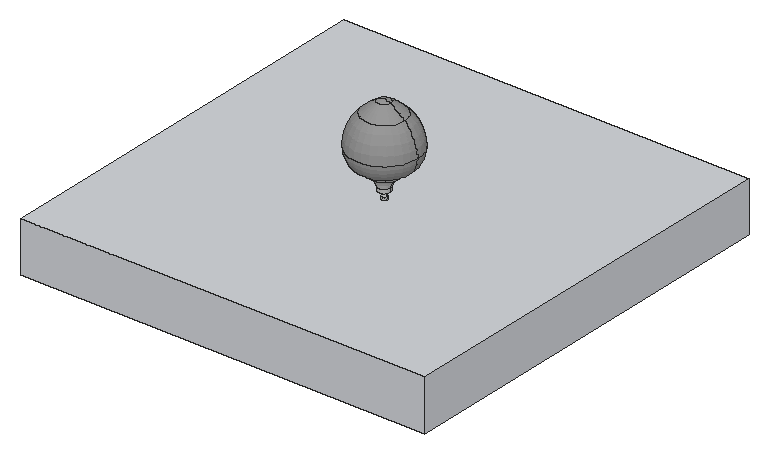
Revit family "GALAD Капля LED", category Осветительные приборы, Revit 2018
Family settings
  Основа = Грань
  Размер круглого соединителя = Использовать диаметр
  Тип детали = Нормальный
  При загрузке вырезать с полостями = Нет
  Источник света = Да
  Общий = Нет
  Точка расчета площади = Нет
Parameters (values of type "GALAD Капля LED")
  built-in parameter 1150104 = 13.8 (stored number, unit not read)
  Частота = "50"  # constant formula
  Цветопередача = 80  # constant formula
  built-in parameter 1150134 = 2
  Файл фотометрической сетки = "GALAD Kaplya LED.IES"
  Угол наклона = -90.00°
  Тип устройства управления светодиодами = "без управления"  # constant formula
  Тип продукции = "Светильник"  # constant formula
  Тип монтажной поверхности = "торшер"  # constant formula
  Тип источника света = "LED"  # constant formula
  Тип ПРА = "ЭПРА"  # constant formula
  Тип КСС = "специальная полуширокая"  # constant formula
  Срок службы = "12 лет"  # constant formula
  built-in parameter 1150137 = (empty or 0)
  built-in parameter 1150132 = 2
  built-in parameter 1150114 = 1 (stored number, unit not read)
  Снижение светового потока во время разгорания = "не более 6%"  # constant formula
  Dimming Lamp Color Temperature Shift = (empty or 0)
  built-in parameter 1150105 = 294.44 (stored number, unit not read)
  Color Filter = 16777215
  Lumens = 3700 lm
  Световая отдача = 93  # constant formula
  built-in parameter 1150109 = 1 (stored number, unit not read)
  built-in parameter 1150112 = 1 (stored number, unit not read)
  built-in parameter 1150110 = 1 (stored number, unit not read)
  built-in parameter 1150113 = 1 (stored number, unit not read)
  built-in parameter 1150115 = 1 (stored number, unit not read)
  built-in parameter 1114218 = 1 (stored number, unit not read)
  built-in parameter 1114217 = 1 (stored number, unit not read)
  Apparent Load = ADSK_Номинальная мощность / ADSK_Коэффициент мощности  # 41.6667 VA
  Default Elevation = 1219.2 mm
  built-in parameter 1150106 = 2.9444 (stored number, unit not read)
  Описание = "Классическая, привычная всем, форма светильника в современном светодиодном исполнении. Такие светильники освещают парки, скверы, бульвары, а иногда даже и улицы каждого российского города. Цельнолитое основание обеспечивает оптимальный теплоотвод, а антивандальный рассеиватель из ударопрочного светостабилизированного поликарбоната лучше сохраняет свой внешний вид и оптические свойства, по сравнению с обычным поликарбонатом."  # constant formula
  Область использования = "Садово-парковое освещение"  # constant formula
  built-in parameter 1150142 = "IESNA:LM-63-1995\r\n[TEST] Протокол №141R/11\r\r\n[DATA] 10.10.2014\r\r\n[MORE] Измерение ИЦ ВНИСИ, гониофотометр RIGO-801 МЕВ\r\r\n[MANUFAC] GALAD\r\r\n[LUMCAT] \r\r\n[LUMINAIRE] GALAD Капля LED-40-СПШ/С1 (3700/750/RAL7040/D/0/GEN1)\r\r\n[LAMPCAT] \r\r\n[LAMP] СД 40 Вт\r\nTILT=NONE\r\n1    3700 3.7 37 1 1 2 0.400 0.400 0.620\r\n1.0 1.0 40\r\n0.0 5.0 10.0 15.0 20.0 25.0 30.0 35.0 40.0 45.0 50.0 55.0 60.0 65.0 70.0 75.0 80.0 85.0 90.0 95.0 100.0 105.0 110.0 115.0 120.0 125.0 130.0 135.0 140.0 145.0 150.0 155.0 160.0 165.0 170.0 175.0 180.0\r\n0.0\r\n75.5 75.5 76.2 77.1 78.3 79.8 81.5 83.3 85.3 87.2 88.9 90.5 91.9 93.0 93.6 94.0 93.7 93.0 91.9 90.3 88.0 85.4 82.1 78.2 73.7 69.0 64.3 59.4 54.7 50.3 46.2 42.9 40.4 37.9 32.5 26.7 23.9\r\n75.5 75.5 76.2 77.1 78.3 79.8 81.5 83.3 85.3 87.2 88.9 90.5 91.9 93.0 93.6 94.0 93.7 93.0 91.9 90.3 88.0 85.4 82.1 78.2 73.7 69.0 64.3 59.4 54.7 50.3 46.2 42.9 40.4 37.9 32.5 26.7 23.9\r\n"
  Неравномерность яркости = 0
  built-in parameter 1150133 = 10 (stored number, unit not read)
  Wattage = 24.9088 W
  Материал рассеивателя = Ударопрочный поликарбонат
  Материал корпуса = Литой алюминий
  Коэффициент пульсации = "менее 10%"  # constant formula
  built-in parameter 1150139 = (empty or 0)
  Климатическое исполнение = " -40…40 °С"  # constant formula
  Климатическая зона = "У1"  # constant formula
  Класс светораспределения = "Р"  # constant formula
  Класс защиты от поражения электрическим током = "1"  # constant formula
  Класс Защиты = "1"  # constant formula
  built-in parameter 1150138 = (empty or 0)
  built-in parameter 1150107 = 5000 (stored number, unit not read)
  built-in parameter 1150102 = (empty or 0)
  Изготовитель = "Лихославльский завод 'Светотехника'"  # constant formula
  Диапазон цветовой температуры = "5028±283"  # constant formula
  Группа модели = "Светильники"  # constant formula
  Возможный угол наклона = "0"  # constant formula
  Блок аварийного питания = 1 = 0  # no
  URL = "https://galad.ru/catalog/outdoor/park/kaplya/kaplya-led-40-spsh-c1-3700-750-ral7040-d-0-gen1/"
  IP = "65"  # constant formula
  ADSK_Энергоэффективность = 93 lm/W  # constant formula
  ADSK_Ток = ADSK_Номинальная мощность / (ADSK_Коэффициент мощности * ADSK_Напряжение * sqrt(ADSK_Количество фаз))  # 0.181159 A
  ADSK_Размер_Ширина = 400 mm
  ADSK_Размер_Длина = 400 mm
  ADSK_Размер_Высота = 537 mm
  ADSK_Примечание = ""
  ADSK_Полная мощность = ADSK_Номинальная мощность / ADSK_Коэффициент мощности  # 41.6667 VA
  ADSK_Позиция = ""
  ADSK_Обозначение = "ГОСТ Р 54350, ГОСТ 12.2.007.0, \r\nГОСТ 17516.1, ГОСТ 15150"  # constant formula
  ADSK_Номинальная мощность = 40 VA  # constant formula
  ADSK_Напряжение = 230 V  # constant formula
  ADSK_Наименование краткое = "GALAD Капля LED-40-СПШ/С1"  # constant formula
  ADSK_Наименование = "GALAD Капля LED-40-СПШ/С1 (3700/750/RAL7040/D/0/GEN1)"  # constant formula
  ADSK_Масса_Текст = "4.2"  # constant formula
  ADSK_Масса = 4.2  # constant formula
  ADSK_Марка = ADSK_Наименование  # "GALAD Капля LED-40-СПШ/С1 (3700/750/RAL7040/D/0/GEN1)"
  ADSK_Коэффициент мощности = 0.96  # constant formula
  ADSK_Количество фаз = 1  # constant formula
  ADSK_Количество = 1  # constant formula
  ADSK_Код изделия = "13843"  # constant formula
  ADSK_Классификация нагрузок = Освещение
  ADSK_Завод-изготовитель = Изготовитель  # "Лихославльский завод 'Светотехника'"
  ADSK_Единица измерения = "шт."  # constant formula
  ADSK_Группирование = ""
  ADSK_Версия семейства = "1.01"  # constant formula
  ADSK_Версия Revit = "2018"  # constant formula
Reference planes
  plane 1 "По центру (Вперед/Назад)": y = 0
  plane 2: z = 0
  plane 3 "По центру (Влево/Вправо)": x = 0
  plane 4: x = -200
  plane 5: y = -200
  plane 6: x = 200
  plane 7: y = 200
  plane 8: z = 537
Forms (mm)
  Extrusion 1, solid
    sketch origin (0, 0, 0) x (1, 0, 0) y (0, 1, 0)
      loop
        line (-1219.2, 1219.2) -> (-1219.2, -1219.2) -> (1219.2, -1219.2) -> (1219.2, 1219.2) -> (-1219.2, 1219.2)
    from 0 to -304.8
  Revolve 2, solid, material "Ударопрочный поликарбонат" <- "Материал рассеивателя", detail levels medium+fine
    sketch origin (0, 0, 537) x (-1, 0, 0) y (0, 0, -1)
      loop
        line (0, 376.408) -> (0, 0)
        arc (0, 0) -> (20.122, 3.063) -> (38.926, 10.85) r 84.468
        arc (38.926, 10.85) -> (83.404, 39.834) -> (123.807, 74.271) r 414.063
        arc (123.807, 74.271) -> (180.068, 156.31) -> (200, 253.77) r 250.74
        arc (200, 253.77) -> (172.129, 332.73) -> (100.689, 376.408) r 125.063
        line (100.689, 376.408) -> (0, 376.408)
      axis (0, 376.408) -> (0, 0)
    angle from 0 to 360
  Revolve 3, solid, material "Литой алюминий" <- "Материал корпуса", detail levels fine
    sketch origin (0, 0, 537) x (-1, 0, 0) y (0, 0, -1)
      loop
        line (0, 537) -> (0, 376.408) -> (103.936, 376.408)
        arc (103.936, 376.408) -> (97.452, 391.196) -> (83.715, 399.681) r 27.131
        arc (83.715, 399.681) -> (54.774, 427.982) -> (37.674, 464.67) r 112.92
        line (37.674, 464.67) -> (36.642, 488.35) -> (15.306, 488.35)
        arc (15.306, 488.35) -> (10.097, 505.784) -> (15.973, 523.004) r 29.86
        line (15.973, 523.004) -> (15.973, 537) -> (0, 537)
      axis (0, 537) -> (0, 376.408)
    angle from 0 to 360
  Revolve 4, solid, material "Литой алюминий" <- "Материал корпуса", detail levels coarse+medium
    sketch origin (0, 0, 0) x (1, 0, 0) y (0, 0, 1)
      loop
        line (0, 0) -> (103.936, 160.592) -> (0, 160.592) -> (0, 0)
      axis (0, 160.592) -> (0, 0)
    angle from 0 to 360
  Revolve 5, solid, material "Ударопрочный поликарбонат" <- "Материал рассеивателя", detail levels coarse
    sketch origin (0, 0, 0) x (1, 0, 0) y (0, 0, 1)
      loop
        arc (103.936, 160.592) -> (192.657, 387.644) -> (0, 537) r 203.571
        line (0, 537) -> (0, 160.592) -> (103.936, 160.592)
      axis (0, 537) -> (0, 160.592)
    angle from 0 to 360
Dimensions and locks
  equal spacing: plane 4, plane 3 "По центру (Влево/Вправо)", plane 6
  "ADSK_Размер_Ширина": plane 4 to plane 6
  equal spacing: plane 7, plane 1 "По центру (Вперед/Назад)", plane 5
  "ADSK_Размер_Длина": plane 7 to plane 5
  "ADSK_Размер_Высота": plane 8 to level
  aligned and locked: plane 2 to Extrusion 1
  aligned and locked: level to Extrusion 1
  aligned and locked: plane 3 "По центру (Влево/Вправо)" to Revolve 2 sketch curve
  aligned and locked: plane 3 "По центру (Влево/Вправо)" to Revolve 3 sketch curve
  aligned and locked: Revolve 4 sketch curve to plane 3 "По центру (Влево/Вправо)"
  aligned and locked: Revolve 5 sketch curve to plane 3 "По центру (Влево/Вправо)"
Automatic sketch dimensions
  Extrusion 1 sketch curve to Extrusion 1 sketch curve = 2438.4 mm  (x2)
  Revolve 3 sketch curve to plane 3 "По центру (Влево/Вправо)" = 0 mm
  Revolve 3 sketch curve to plane 8 = 376.408 mm
  Revolve 3 sketch curve to plane 3 "По центру (Влево/Вправо)" = 15.306 mm
  Revolve 3 sketch curve to plane 3 "По центру (Влево/Вправо)" = 15.973 mm
  Revolve 3 sketch curve to Revolve 3 sketch curve = 21.336 mm
  Revolve 3 sketch curve to Revolve 3 sketch curve = 1.032 mm
  Revolve 3 sketch curve to Revolve 3 sketch curve = 3.31 mm
  Revolve 3 sketch curve to plane 8 = 373.401 mm
  Revolve 3 sketch curve to plane 3 "По центру (Влево/Вправо)" = 76.972 mm
  Revolve 3 sketch curve to Revolve 3 sketch curve = 26.964 mm
  plane 4 to Revolve 3 sketch curve = 53.085 mm
  Revolve 3 sketch curve to plane 8 = 464.67 mm
  Revolve 3 sketch curve to Revolve 3 sketch curve = 23.679 mm
  Revolve 3 sketch curve to Revolve 3 sketch curve = 4.908 mm
  Revolve 3 sketch curve to Revolve 3 sketch curve = 16.859 mm
  Revolve 3 sketch curve to Revolve 3 sketch curve = 13.996 mm
  Revolve 3 sketch curve to plane 8 = 326.408 mm
  Revolve 3 sketch curve to Revolve 3 sketch curve = 150 mm
  Revolve 2 sketch curve to plane 3 "По центру (Влево/Вправо)" = 0 mm
  Revolve 2 sketch curve to plane 4 = 0 mm  (x2)
  plane 3 "По центру (Влево/Вправо)" to Revolve 2 sketch curve = 2.558 mm
  plane 3 "По центру (Влево/Вправо)" to Revolve 2 sketch curve = 50.739 mm
  Revolve 2 sketch curve to plane 6 = 35.567 mm
  Revolve 2 sketch curve to plane 3 "По центру (Влево/Вправо)" = 74.937 mm
  plane 4 to Revolve 2 sketch curve = 99.311 mm
  plane 8 to Revolve 2 sketch curve = 0 mm
  Revolve 2 sketch curve to Revolve 2 sketch curve = 84.429 mm
  Revolve 2 sketch curve to Revolve 2 sketch curve = 169.596 mm
  Revolve 2 sketch curve to Revolve 2 sketch curve = 0.257 mm
  Revolve 2 sketch curve to Revolve 2 sketch curve = 117.253 mm
  Revolve 2 sketch curve to Revolve 2 sketch curve = 0 mm
  Revolve 2 sketch curve to Revolve 2 sketch curve = 61.98 mm
  Revolve 2 sketch curve to Revolve 2 sketch curve = 35 mm
  Revolve 4 sketch curve to plane 3 "По центру (Влево/Вправо)" = 0 mm
  Revolve 4 sketch curve to level = 0 mm
  Revolve 4 sketch curve to plane 6 = 96.064 mm
  level to Revolve 4 sketch curve = 160.592 mm
  Revolve 4 sketch curve to Revolve 4 sketch curve = 40 mm
  Revolve 4 sketch curve to Revolve 4 sketch curve = 45 mm
  Revolve 5 sketch curve to plane 3 "По центру (Влево/Вправо)" = 0 mm
  Revolve 5 sketch curve to plane 8 = 0 mm
  Revolve 5 sketch curve to plane 3 "По центру (Влево/Вправо)" = 3.571 mm
  Revolve 5 sketch curve to plane 8 = 203.54 mm
  Revolve 5 sketch curve to plane 6 = 96.064 mm
  Revolve 5 sketch curve to plane 8 = 45 mm
  Revolve 5 sketch curve to Revolve 5 sketch curve = 3.54 mm
Connectors
  electrical at (0, 0, 0), driven by "ADSK_Классификация нагрузок", driven by "ADSK_Напряжение", driven by "ADSK_Полная мощность", driven by "ADSK_Коэффициент мощности"
    settings: on Revolve 3, index 1, voltage 230 V, apparent load 41.6667 VA, apparent load phase1 0 VA, apparent load phase2 0 VA, apparent load phase3 0 VA, power factor 0.96, load classification "Освещение", number of poles 1, system type 30, power factor state 1, is connector primary yes, connector utility no, sub classification motor no, connector description ""
